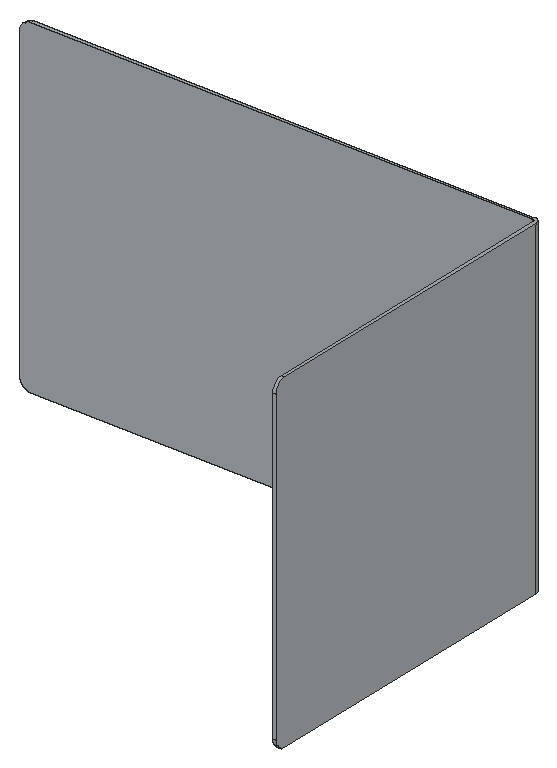
Revit family "Haworth_ActiveComponents_ShelfDivider_BUILD", category Furniture Systems, Revit 2015
Parameters (values of type "AAOS-0605")
  Warranty = "http://www.haworth.com/resources/product-info/warranties"
  URL - Product = "http://www.haworth.com/products/workspaces/accessories/active-components"
  URL = "http://www.haworth.com/"
  Trim Finish [instance] = Haworth _ Fabric _ Class _ Light Cool Neutral
  Size = "Verify Final Dim. w/ Haworth"  # constant formula
  Revision Number = "1"  # constant formula
  Model = "AAOS"  # constant formula
  Manufacturer = "Haworth"  # constant formula
  Low = not(High)  # no
  High = yes
  Description = "Haworth Active Components Shelf Divider"  # constant formula
  Author = "Haworth (Alias)"  # constant formula
  Assembly Code = "E2020200"
  Actual Width = 4 1/2"  # constant formula
  Actual Mounting Height = 33"  # constant formula
  Actual Height = if(High, 5 3/4", 2 5/8")  # 5 3/4"
  Actual Depth = 9"  # constant formula
Types (2): name | Low | High | Actual Height
  AAOS-0605 | no | yes | 5 3/4"
  AAOS-0305 | yes | no | 2 5/8"
Reference planes (in)
  plane 1: z = 0
  plane 2 "Center L/R": x = -8.75
  plane 3 "Back": y = 6.68256
  plane 4 "Right": x = -4.25
  plane 5 "Left": x = -13.25
  plane 6 "Front": y = 2.18256
  plane 7: z = 33
  plane 8: z = 38.75
  plane 9 "Center F/B": y = 4.43256
Forms (in)
  Extrusion 1, solid, material "Haworth _ Fabric _ Class _ Light Cool Neutral" <- "Trim Finish"
    sketch origin (0, 0, 0) x (1, 0, 0) y (0, 1, 0)
      loop
        line (-13.25, 6.68256) -> (-13.25, 6.62256) -> (-4.37109, 6.62256)
        arc (-4.37109, 6.62256) -> (-4.3269, 6.60426) -> (-4.30859, 6.56006) r 0.0625
        line (-4.30859, 6.56006) -> (-4.30859, 0.93256) -> (-4.25, 0.93256) -> (-4.25, 6.55756)
        arc (-4.25, 6.55756) -> (-4.28661, 6.64595) -> (-4.375, 6.68256) r 0.125
        line (-4.375, 6.68256) -> (-13.25, 6.68256)
    from 33 to 38.75
  Extrusion 2, void
    sketch origin (0, 6.68256, 0) x (0, 0, -1) y (-1, 0, 0)
      loop
        arc (-38.75, 13.06299) -> (-38.69522, 13.19522) -> (-38.56299, 13.25) r 0.18701
        line (-38.56299, 13.25) -> (-38.75, 13.25) -> (-38.75, 13.06299)
      loop
        line (-33, 13.06299) -> (-33, 13.25) -> (-33.18701, 13.25)
        arc (-33.18701, 13.25) -> (-33.05478, 13.19522) -> (-33, 13.06299) r 0.18701
    from 0 to -0.06
  Extrusion 3, void
    sketch origin (-8.75, 0, 0) x (0, 1, 0) y (0, 0, 1)
      loop
        line (1.11958, 38.75) -> (0.93256, 38.75) -> (0.93256, 38.56299)
        arc (0.93256, 38.56299) -> (0.98734, 38.69522) -> (1.11958, 38.75) r 0.18701
      loop
        arc (1.11958, 33) -> (0.98734, 33.05478) -> (0.93256, 33.18701) r 0.18701
        line (0.93256, 33.18701) -> (0.93256, 33) -> (1.11958, 33)
    from 4.5 to 4.44141
Cuts and joins
  Extrusion 2, Extrusion 3 cuts Extrusion 1
Lines and regions (in)
  Masking region 1
    outline origin (0, 0, 0) x (1, 0, 0) y (0, 1, 0)
      loop
        arc (-4.37109, 6.62256) -> (-4.3269, 6.60426) -> (-4.30859, 6.56006) r 0.0625
        line (-4.30859, 6.56006) -> (-4.30859, 0.93256) -> (-4.25, 0.93256) -> (-4.25, 6.55756)
        arc (-4.25, 6.55756) -> (-4.28661, 6.64595) -> (-4.375, 6.68256) r 0.125
        line (-4.375, 6.68256) -> (-13.25, 6.68256) -> (-13.25, 6.62256) -> (-4.37109, 6.62256)
Dimensions and locks (in)
  "Actual Height": plane 8 to plane 7
  "Actual Mounting Height": plane 7 to plane 1
  equal spacing: plane 5 "Left", plane 2 "Center L/R", plane 4 "Right"
  "Actual Depth": plane 5 "Left" to plane 4 "Right"
  "Actual Width": plane 6 "Front" to plane 3 "Back"
  locked: Extrusion 3 sketch curve to plane 6 "Front" at 1.25  (x2)
  equal spacing: plane 6 "Front", plane 9 "Center F/B", plane 3 "Back"
  aligned and locked: plane 7 to Extrusion 1
  aligned and locked: plane 8 to Extrusion 1
  aligned and locked: Extrusion 2 sketch curve to plane 8
  aligned and locked: Extrusion 2 sketch curve to plane 5 "Left"
  aligned and locked: Extrusion 2 sketch curve to plane 7
  aligned and locked: plane 5 "Left" to Extrusion 2 sketch curve
  aligned and locked: Extrusion 2 to plane 3 "Back"
  aligned and locked: Extrusion 2 to cut or joined group of Extrusion 1, Extrusion 2, Extrusion 3
  aligned and locked: Extrusion 3 sketch curve to plane 8
  aligned and locked: Extrusion 3 sketch curve to plane 7
  aligned and locked: Extrusion 3 to cut or joined group of Extrusion 1, Extrusion 2, Extrusion 3
  aligned and locked: plane 4 "Right" to Extrusion 3
  aligned and locked: Extrusion 1 sketch curve to plane 4 "Right"
  aligned and locked: Extrusion 1 sketch curve to plane 3 "Back"
Automatic sketch dimensions
  Extrusion 1 sketch curve to plane 5 "Left" = 0"
  Extrusion 1 sketch curve to plane 3 "Back" = 0.06"
  Extrusion 1 sketch curve to plane 4 "Right" = 31/256"
  Extrusion 1 sketch curve to Extrusion 1 sketch curve = 1/256"
  Extrusion 1 sketch curve to plane 4 "Right" = 15/256"
  plane 6 "Front" to Extrusion 1 sketch curve = 1 1/4"
  Extrusion 2 sketch curve to plane 8 = 0.18701"
  Extrusion 2 sketch curve to plane 5 "Left" = 0.18701"
  Extrusion 3 sketch curve to Extrusion 3 sketch curve = 0.18701"
  Extrusion 3 sketch curve to plane 8 = 0.18701"
  Masking region 1 sketch curve to plane 3 "Back" = 0"
  Masking region 1 sketch curve to plane 5 "Left" = 0"
  Masking region 1 sketch curve to plane 4 "Right" = 0"
  Masking region 1 sketch curve to plane 4 "Right" = 1/8"
  Masking region 1 sketch curve to Masking region 1 sketch curve = 1/256"
  Masking region 1 sketch curve to plane 4 "Right" = 15/256"
  plane 6 "Front" to Masking region 1 sketch curve = 1 1/4"
  Masking region 1 sketch curve to Masking region 1 sketch curve = 0.0025"
